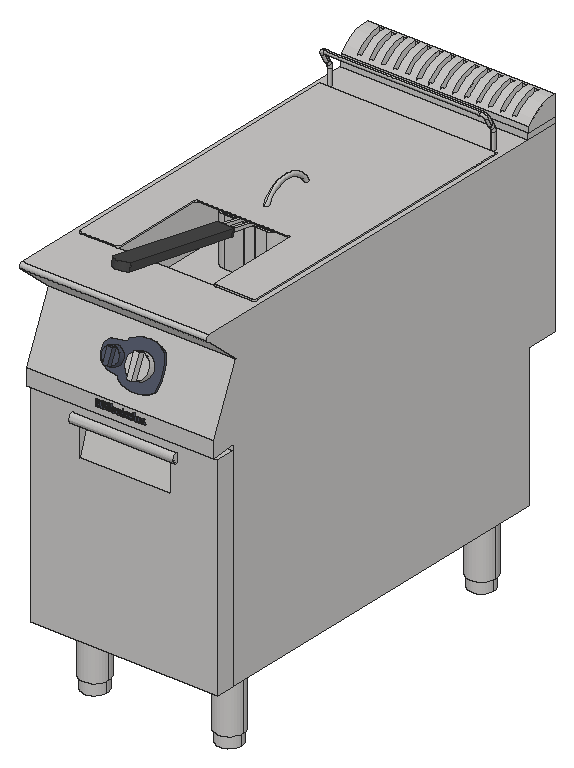
Revit family "QF_ELECTROLUXPROFESSIONAL_391077_E9FRGD1GF0", category Specialty Equipment, Revit 2018 (continued)
Automatic sketch dimensions
  Extrusion 21 sketch curve to Extrusion 21 sketch curve = 2.77 mm
  Extrusion 21 sketch curve to Extrusion 21 sketch curve = 2.51 mm
  Extrusion 21 sketch curve to Extrusion 21 sketch curve = 0.187 mm
  Extrusion 21 sketch curve to Extrusion 21 sketch curve = 2.559 mm
  Extrusion 21 sketch curve to Extrusion 21 sketch curve = 1.556 mm
  Extrusion 21 sketch curve to Extrusion 21 sketch curve = 0.222 mm
  Extrusion 21 sketch curve to Extrusion 21 sketch curve = 1.383 mm
  Extrusion 21 sketch curve to Extrusion 21 sketch curve = 3.114 mm
  Extrusion 21 sketch curve to Extrusion 21 sketch curve = 3.376 mm
  Extrusion 21 sketch curve to Extrusion 21 sketch curve = 0.934 mm
  Extrusion 21 sketch curve to Extrusion 21 sketch curve = 0.191 mm
  Extrusion 21 sketch curve to Extrusion 21 sketch curve = 3.696 mm
  Extrusion 21 sketch curve to Extrusion 21 sketch curve = 2.708 mm
  Extrusion 21 sketch curve to Extrusion 21 sketch curve = 3.333 mm
  Extrusion 21 sketch curve to Extrusion 21 sketch curve = 0.332 mm
  Extrusion 21 sketch curve to Extrusion 21 sketch curve = 1.087 mm
  Extrusion 21 sketch curve to Extrusion 21 sketch curve = 2.23 mm
  Extrusion 21 sketch curve to Extrusion 21 sketch curve = 2.757 mm
  Extrusion 21 sketch curve to Extrusion 21 sketch curve = 0.987 mm
  Extrusion 21 sketch curve to Extrusion 21 sketch curve = 1.529 mm
  Extrusion 21 sketch curve to Extrusion 21 sketch curve = 1.796 mm
  Extrusion 21 sketch curve to Extrusion 21 sketch curve = 2.859 mm
  Extrusion 21 sketch curve to Extrusion 21 sketch curve = 0.853 mm
  Extrusion 21 sketch curve to Extrusion 21 sketch curve = 1.241 mm
  Extrusion 21 sketch curve to Extrusion 21 sketch curve = 2.046 mm  (x2)
  Extrusion 21 sketch curve to Extrusion 21 sketch curve = 2.422 mm
  Extrusion 21 sketch curve to Extrusion 21 sketch curve = 0.27 mm  (x2)
  Extrusion 21 sketch curve to Extrusion 21 sketch curve = 0.69 mm
  Extrusion 21 sketch curve to Extrusion 21 sketch curve = 0.781 mm  (x2)
  Extrusion 21 sketch curve to Extrusion 21 sketch curve = 3.136 mm
  Extrusion 21 sketch curve to Extrusion 21 sketch curve = 1.767 mm
  Extrusion 21 sketch curve to Extrusion 21 sketch curve = 0.138 mm
  Extrusion 21 sketch curve to Extrusion 21 sketch curve = 0.777 mm
  Extrusion 21 sketch curve to Extrusion 21 sketch curve = 1.19 mm
  Extrusion 21 sketch curve to Extrusion 21 sketch curve = 0.782 mm
  Extrusion 21 sketch curve to Extrusion 21 sketch curve = 1.268 mm
  Extrusion 21 sketch curve to Extrusion 21 sketch curve = 0.422 mm  (x2)
  Extrusion 21 sketch curve to Extrusion 21 sketch curve = 1.559 mm
  Extrusion 21 sketch curve to Extrusion 21 sketch curve = 3.927 mm
  Extrusion 21 sketch curve to Extrusion 21 sketch curve = 0.983 mm
  Extrusion 21 sketch curve to Extrusion 21 sketch curve = 1.134 mm
  Extrusion 21 sketch curve to Extrusion 21 sketch curve = 0.094 mm
  Extrusion 21 sketch curve to Extrusion 21 sketch curve = 1.584 mm
  Extrusion 21 sketch curve to Extrusion 21 sketch curve = 0.916 mm
  Extrusion 21 sketch curve to Extrusion 21 sketch curve = 0.352 mm
  Extrusion 21 sketch curve to Extrusion 21 sketch curve = 0.458 mm
  Extrusion 21 sketch curve to Extrusion 21 sketch curve = 1.282 mm
  Extrusion 21 sketch curve to Extrusion 21 sketch curve = 0.685 mm
  Extrusion 21 sketch curve to Extrusion 21 sketch curve = 0.905 mm
  Extrusion 21 sketch curve to Extrusion 21 sketch curve = 2.865 mm
  Extrusion 21 sketch curve to Extrusion 21 sketch curve = 0.472 mm
  Extrusion 21 sketch curve to Extrusion 21 sketch curve = 0.101 mm
  Extrusion 21 sketch curve to Extrusion 21 sketch curve = 0.54 mm
  Extrusion 21 sketch curve to Extrusion 21 sketch curve = 0.02 mm
  Extrusion 21 sketch curve to Extrusion 21 sketch curve = 0.468 mm
  Extrusion 21 sketch curve to Extrusion 21 sketch curve = 0.829 mm
  Extrusion 21 sketch curve to Extrusion 21 sketch curve = 0.582 mm
  Extrusion 21 sketch curve to Extrusion 21 sketch curve = 0.166 mm
  Extrusion 21 sketch curve to Extrusion 21 sketch curve = 0.16 mm
  Extrusion 21 sketch curve to Extrusion 21 sketch curve = 2.781 mm
  Extrusion 21 sketch curve to Extrusion 21 sketch curve = 1.118 mm
  Extrusion 21 sketch curve to Extrusion 21 sketch curve = 0.613 mm
  Extrusion 21 sketch curve to Extrusion 21 sketch curve = 0.361 mm
  Extrusion 21 sketch curve to Extrusion 21 sketch curve = 0.897 mm
  Extrusion 21 sketch curve to Extrusion 21 sketch curve = 0.167 mm
  Extrusion 21 sketch curve to Extrusion 21 sketch curve = 0.292 mm
  Extrusion 21 sketch curve to Extrusion 21 sketch curve = 0.305 mm
  Extrusion 21 sketch curve to Extrusion 21 sketch curve = 1.557 mm
  Extrusion 21 sketch curve to Extrusion 21 sketch curve = 2.499 mm
  Extrusion 21 sketch curve to Extrusion 21 sketch curve = 3.062 mm
  Extrusion 21 sketch curve to Extrusion 21 sketch curve = 2.968 mm
  Extrusion 21 sketch curve to Extrusion 21 sketch curve = 5.044 mm
  Extrusion 21 sketch curve to Extrusion 21 sketch curve = 0.629 mm  (x2)
  Extrusion 21 sketch curve to Extrusion 21 sketch curve = 1.131 mm
  Extrusion 21 sketch curve to Extrusion 21 sketch curve = 0.137 mm
  Extrusion 21 sketch curve to Extrusion 21 sketch curve = 0.027 mm
  Extrusion 21 sketch curve to Extrusion 21 sketch curve = 2.235 mm
  Extrusion 22 sketch curve to Extrusion 22 sketch curve = 0 mm  (x2)
  Extrusion 22 sketch curve to plane 7 "Center Y" = 7.904 mm
  Extrusion 22 sketch curve to plane 7 "Center Y" = 14.86 mm
  Extrusion 22 sketch curve to Extrusion 22 sketch curve = 112.63 mm
  Extrusion 22 sketch curve to Extrusion 22 sketch curve = 1.398 mm
  Extrusion 22 sketch curve to Extrusion 22 sketch curve = 5.918 mm
  Extrusion 22 sketch curve to Extrusion 22 sketch curve = 7.825 mm
  Extrusion 22 sketch curve to Extrusion 22 sketch curve = 12.433 mm
  Extrusion 22 sketch curve to Extrusion 22 sketch curve = 33.329 mm
  Extrusion 22 sketch curve to Extrusion 22 sketch curve = 28.808 mm
  Extrusion 22 sketch curve to Extrusion 22 sketch curve = 2.986 mm
  Extrusion 22 sketch curve to Extrusion 22 sketch curve = 35.441 mm
  Extrusion 22 sketch curve to Extrusion 22 sketch curve = 23.969 mm
  Extrusion 22 sketch curve to plane 7 "Center Y" = 15.937 mm
  Extrusion 22 sketch curve to Extrusion 22 sketch curve = 31.993 mm
  Extrusion 22 sketch curve to Extrusion 22 sketch curve = 0.131 mm
  Extrusion 22 sketch curve to Extrusion 22 sketch curve = 36.738 mm
  Extrusion 22 sketch curve to Extrusion 22 sketch curve = 6.105 mm
  plane 7 "Center Y" to Extrusion 22 sketch curve = 23.064 mm
  Extrusion 22 sketch curve to Extrusion 22 sketch curve = 0.002 mm
  Extrusion 22 sketch curve to Extrusion 22 sketch curve = 38.412 mm
  Extrusion 22 sketch curve to Extrusion 22 sketch curve = 11.842 mm
  Extrusion 24 sketch curve to Extrusion 24 sketch curve = 24.732 mm
  Extrusion 24 sketch curve to Extrusion 24 sketch curve = 0 mm
  Extrusion 26 sketch curve to Extrusion 26 sketch curve = 0 mm
  Extrusion 26 sketch curve to Extrusion 26 sketch curve = 7.232 mm  (x3)
  Extrusion 26 sketch curve to Extrusion 26 sketch curve = 17.5 mm
  Extrusion 26 sketch curve to Extrusion 26 sketch curve = 5.786 mm
  plane 10 "TOP A" to Extrusion 28 sketch curve = 2.752 mm
  Extrusion 28 sketch curve to Extrusion 28 sketch curve = 2.306 mm
  Extrusion 28 sketch curve to Extrusion 28 sketch curve = 42.039 mm
  Extrusion 28 sketch curve to Extrusion 28 sketch curve = 6.254 mm
  Extrusion 28 sketch curve to Extrusion 28 sketch curve = 59.061 mm
  Extrusion 3 sketch curve to plane 8 "Center X" = 115.196 mm
  Sweep 4 sketch curve to plane 8 "Center X" = 56.67 mm
  Extrusion 14 sketch curve to plane 18 = 83.25 mm
  Extrusion 14 sketch curve to Extrusion 14 sketch curve = 7.158 mm
  Extrusion 14 sketch curve to Extrusion 14 sketch curve = 18.997 mm
  Extrusion 15 sketch curve to plane 8 "Center X" = 80.89 mm
  Extrusion 28 sketch curve to plane 18 = 83.25 mm
  Extrusion 28 sketch curve to Extrusion 28 sketch curve = 7.158 mm
  Extrusion 28 sketch curve to Extrusion 28 sketch curve = 5.916 mm
  Extrusion 29 sketch curve to plane 15 = 24 mm
  plane 16 to Extrusion 29 sketch curve = 24 mm
  Extrusion 29 sketch curve to plane 5 "FRONT" = 30 mm
  Extrusion 29 sketch curve to plane 21 = 177 mm
  curve 94 to curve 95 = 0 mm
  curve 101 to curve 102 = 0 mm
  curve 27 to plane 4 "RIGHT" = 0 mm
  curve 23 to plane 4 "RIGHT" = 0 mm
  plane 5 "FRONT" to curve 24 = 0 mm
  curve 116 to plane 23 = 0 mm
  curve 4 to plane 3 "LEFT" = 0 mm
  plane 1 "BACK" to curve 29 = 0 mm
  plane 5 "FRONT" to curve 3 = 0 mm
  plane 5 "FRONT" to curve 1 = 0 mm
  curve 17 to plane 4 "RIGHT" = 11.548 mm
  curve 16 to curve 16 = 6.218 mm
  curve 109 to curve 16 = 0 mm
  curve 17 to curve 102 = 9.722 mm
  curve 103 to curve 106 = 3.955 mm
  curve 102 to curve 102 = 3.999 mm
  curve 106 to curve 107 = 1.398 mm
  curve 92 to plane 22 = 15.347 mm
  curve 104 to curve 105 = 2.174 mm
  curve 107 to curve 25 = 2.65 mm
  curve 91 to plane 22 = 6.051 mm
  plane 15 to curve 86 = 0.859 mm
  curve 87 to plane 15 = 8.437 mm
  curve 24 to plane 15 = 18.24 mm
  curve 116 to plane 15 = 24 mm
  curve 87 to curve 84 = 16.193 mm
  curve 84 to curve 83 = 9.296 mm
  curve 15 to plane 15 = 37.387 mm
  curve 15 to curve 14 = 6.325 mm
  curve 13 to curve 13 = 6.35 mm
  curve 83 to curve 80 = 16.193 mm
  curve 80 to curve 79 = 9.296 mm
  plane 1 "BACK" to curve 77 = 6.761 mm
  curve 78 to curve 77 = 16.193 mm
  curve 76 to curve 75 = 9.296 mm
  curve 75 to curve 72 = 16.193 mm
  curve 72 to curve 71 = 9.296 mm
  plane 7 "Center Y" to curve 37 = 18.613 mm
  curve 71 to curve 68 = 16.193 mm
  curve 30 to curve 37 = 3.5 mm
  curve 32 to curve 108 = 0.579 mm
  curve 108 to curve 35 = 5.857 mm
  plane 7 "Center Y" to curve 67 = 8.121 mm
  plane 7 "Center Y" to curve 19 = 4.443 mm
  curve 112 to plane 7 "Center Y" = 0.005 mm
  curve 113 to plane 7 "Center Y" = 0.005 mm
  curve 21 to plane 7 "Center Y" = 0.006 mm
  curve 64 to plane 7 "Center Y" = 8.071 mm
  curve 33 to plane 7 "Center Y" = 8.686 mm
  curve 33 to curve 34 = 5.857 mm
  curve 34 to curve 32 = 0.57 mm
  curve 62 to curve 63 = 9.296 mm
  curve 112 to plane 7 "Center Y" = 18.622 mm
  curve 63 to curve 60 = 16.193 mm
  curve 58 to curve 59 = 9.296 mm
  curve 59 to curve 57 = 16.193 mm
  curve 56 to curve 55 = 9.296 mm
  plane 1 "BACK" to curve 53 = 6.761 mm
  curve 54 to curve 53 = 16.193 mm
  curve 52 to curve 51 = 9.296 mm
  plane 16 to curve 11 = 47.563 mm
  curve 11 to curve 10 = 6.35 mm
  curve 9 to curve 9 = 6.272 mm
  curve 51 to curve 49 = 16.193 mm
  curve 46 to curve 46 = 9.296 mm
  plane 16 to curve 114 = 24 mm
  plane 16 to curve 45 = 8.487 mm
  plane 16 to curve 23 = 3.881 mm
  curve 43 to plane 16 = 0.809 mm
  plane 1 "BACK" to curve 41 = 6.761 mm
  curve 42 to curve 41 = 16.193 mm
  curve 25 to plane 16 = 24.082 mm
  curve 100 to curve 98 = 0.475 mm
  curve 40 to curve 39 = 9.296 mm
  curve 25 to curve 97 = 2.65 mm
  curve 97 to curve 99 = 1.398 mm
  plane 12 to curve 94 = 3.22 mm
  curve 94 to curve 94 = 3.999 mm
  curve 26 to curve 98 = 6.218 mm
  plane 3 "LEFT" to curve 7 = 17.965 mm
  curve 7 to curve 7 = 6.416 mm
  curve 23 to curve 4 = 4.082 mm
  plane 1 "BACK" to curve 90 = 6.761 mm
  plane 1 "BACK" to curve 89 = 6.761 mm
  plane 1 "BACK" to curve 85 = 6.761 mm
  plane 1 "BACK" to curve 81 = 6.761 mm
  plane 1 "BACK" to curve 73 = 6.761 mm
  plane 1 "BACK" to curve 69 = 6.761 mm
  plane 1 "BACK" to curve 65 = 6.761 mm
  plane 1 "BACK" to curve 61 = 6.761 mm
  plane 1 "BACK" to curve 57 = 6.761 mm
  plane 1 "BACK" to curve 49 = 6.761 mm
  plane 1 "BACK" to curve 45 = 6.761 mm
  curve 46 to curve 47 = 57.15 mm
  curve 66 to curve 68 = 57.15 mm
  curve 65 to curve 67 = 0 mm
  curve 86 to curve 88 = 57.15 mm
  curve 88 to curve 91 = 0 mm
  curve 85 to curve 87 = 0 mm
  curve 68 to curve 71 = 0 mm
  curve 81 to curve 83 = 0 mm
  curve 61 to curve 63 = 0 mm
  curve 39 to curve 47 = 0 mm
  curve 40 to curve 43 = 0 mm
  curve 57 to curve 59 = 0 mm
  curve 72 to curve 75 = 0 mm
  curve 48 to curve 51 = 0 mm
  curve 39 to curve 27 = 7.979 mm
  plane 12 to curve 101 = 3.22 mm
  curve 95 to curve 110 = 8.085 mm
  curve 101 to curve 111 = 8.085 mm
  curve 102 to curve 28 = 8.085 mm
  curve 111 to curve 100 = 2.442 mm
  curve 111 to curve 107 = 2.442 mm
  curve 100 to curve 98 = 2.87 mm
  curve 107 to curve 105 = 2.87 mm
  curve 98 to curve 97 = 3.923 mm
  curve 107 to curve 106 = 0.8 mm
  plane 8 "Center X" to curve 21 = 51.156 mm
  curve 20 to plane 8 "Center X" = 55.62 mm
  curve 19 to curve 35 = 59.576 mm
  curve 34 to curve 36 = 49.617 mm
  curve 108 to curve 37 = 3.381 mm
  curve 32 to curve 31 = 3.39 mm
  curve 14 to plane 13 = 19.182 mm
  curve 7 to plane 13 = 19.151 mm
  curve 16 to plane 13 = 19.075 mm
  curve 109 to plane 13 = 12.735 mm
  curve 23 to plane 5 "FRONT" = 57 mm
  curve 113 to plane 5 "FRONT" = 34.946 mm
  curve 113 to curve 112 = 3.043 mm
  curve 112 to curve 113 = 9.034 mm
  curve 113 to curve 31 = 3.111 mm
  radius of Sweep 4 sketch curve = 4.353 mm
  radius of Sweep 20 sketch curve = 4 mm
  radius of Extrusion 23 sketch curve = 25.4 mm
  radius of Extrusion 24 sketch curve to Extrusion 23 = 0 mm  (x2)
  radius of Extrusion 25 sketch curve = 18.37 mm
  radius of Extrusion 27 sketch curve = 6.35 mm
Connectors
  piping at (355, -715, 135), diameter 12.8
    settings: on Extrusion 27, index 1, connector inside diameter 0.50394", connector length 0 mm, flow factor 0, pipe flow 0 GPM, pressure drop 0.00 psi, fitting loss kfactor 0, connector angle 0.00°, fixture units 0, engagement length 0 mm, angle of deflection 0.00°, flow configuration 1, flow direction 1, fitting loss method 0, system type 7, joint type 0, gender type 0, connector reference index -1, connector utility 0, adjustable connector no, is connector primary yes, connector description "GAS CONNECTION"
